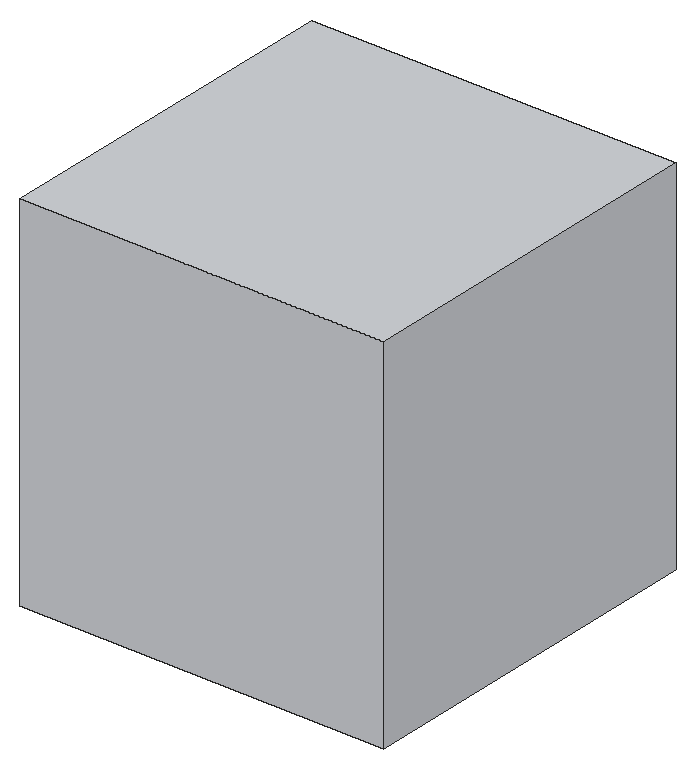
Revit family "Control Point", category Generic Models, Revit 2021
Family settings
  Can host rebar = No
  Round Connector Dimension = Use Diameter
  Part Type = Normal
  Work Plane-Based = No
  Always vertical = Yes
  Cut with Voids When Loaded = No
  Shared = No
  Room Calculation Point = No
Parameters (values of type "CP")
  TS_Point_Description [instance] = ""
  GTP_PointRole_0 [instance] = ""
  GTP_PointNumber_0 [instance] = ""
  GTP_PointElement_0 [instance] = ""
  GTP_LinkedParam_0 [instance] = "GTP_PointNumber_0"
  Default Elevation = 0' - 0"
Reference planes (in)
  plane 1 "Center (Front/Back)": y = 0
  plane 2: z = 0
  plane 3 "Center (Left/Right)": x = 0
  plane 4: y = 5
  plane 5: y = -5
  plane 6: x = -5
  plane 7: x = 5
Lines and regions (in)
  model lines
    curve 1: line (0, -5, 0) -> (0, 5, 0)
    curve 2: line (-5, 0, 0) -> (5, 0, 0)
    curve 3: circle (0, 0, 0) r 1 normal (0, 0, 1)
    curve 4: line (1.83967, -3.69669, 0) -> (1.83967, -0.99613, 0)
    curve 5: line (1.83967, -0.99613, 0) -> (3.18238, -0.99613, 0)
    curve 6: line (1.83967, -2.22114, 0) -> (3.18238, -2.22114, 0)
    curve 7: arc (3.18238, -0.99613, 0) -> (3.79489, -1.60863, 0) -> (3.18238, -2.22114, 0) r 0.61251
    curve 8: arc (-1.68723, 1.60177, 0) -> (-3.98024, 2.56184, 0) -> (-1.84581, 3.83614, 0) r 1.39225
Dimensions and locks (in)
  plane 6 to plane 3 "Center (Left/Right)" to plane 7 = 0' - 5", 0' - 5"
  plane 4 to plane 1 "Center (Front/Back)" to plane 5 = 0' - 5", 0' - 5"
  aligned and locked: plane 2 to level
Nested families (in)
  nested 1: "GTP" at (0, 0, 0), PointNumber <- "GTP_PointNumber_0", PointRole <- "GTP_PointRole_0", PointElement <- "GTP_PointElement_0", LinkedParam <- "GTP_LinkedParam_0", type "Generic Pt"
    with PointType "Generic Pt", PointRole "", PointNumber "", PointNote "", PointElement "", PointDeviationZ 0' - 0", PointDeviationY 0' - 0", PointDeviationX 0' - 0", PointDeviation 0' - 0", PointDescription "", LinkedParam "GTP_PointNumber_0"
Definition of nested family "GTP"
  Parameters (values of type "Control Pt")
    URL = ""
    PointType [instance] = ""
    PointRole [instance] = "Control Point"
    PointNumber [instance] = ""
    PointNote [instance] = ""
    PointElement [instance] = ""
    PointDeviationZ [instance] = 0' - 0"
    PointDeviationY [instance] = 0' - 0"
    PointDeviationX [instance] = 0' - 0"
    PointDeviation [instance] = 0' - 0"
    PointDescription [instance] = "Control Pt"
    Manufacturer = "Autodesk Inc."
    LinkedParam [instance] = ""
    Default Elevation = 0' - 0"
  Types (9): name | PointRole | PointDescription
    (no name) | "Control Point" | "Control Pt"
    Generic Pt | "Stake Out" | "Generic Pt"
    Wall Pt | "Stake Out" | "Wall Pt"
    Duct Pt | "Stake Out" | "Duct Pt"
    Sleeve Pt | "Stake Out" | "Sleeve Pt"
    Pipe Pt | "Stake Out" | "Pipe Pt"
    Electrical Pt | "Stake Out" | "Electrical Pt"
    Control Pt | "Control Point" | "Control Pt"
    Door Pt | "Stake Out" | "Door Pt"
  Reference planes (in)
    plane 1 "Center (Front/Back)": y = 0
    plane 2: z = 0
    plane 3 "Center (Left/Right)": x = 0
  Forms (in)
    Extrusion 1, solid, detail levels medium+fine
      sketch origin (0, 0, 0) x (1, 0, 0) y (0, 1, 0)
        loop
          line (0.5, -0.5) -> (0.5, 0.5) -> (-0.5, 0.5) -> (-0.5, -0.5) -> (0.5, -0.5)
      from -0.5 to 0.5
  Lines and regions (in)
    model lines, detail levels coarse+medium
      curve 1: line (0, 0.5, 0) -> (0, 0, 0)
      curve 2: line (-0.5, 0, 0) -> (0, 0, 0)
      curve 3: line (0, 0, -0.5) -> (0, 0, 0)
      curve 4: line (0, 0, 0) -> (0.5, 0, 0)
      curve 5: line (0, 0, 0) -> (0, -0.5, 0)
      curve 6: line (0, 0, 0) -> (0, 0, 0.5)
